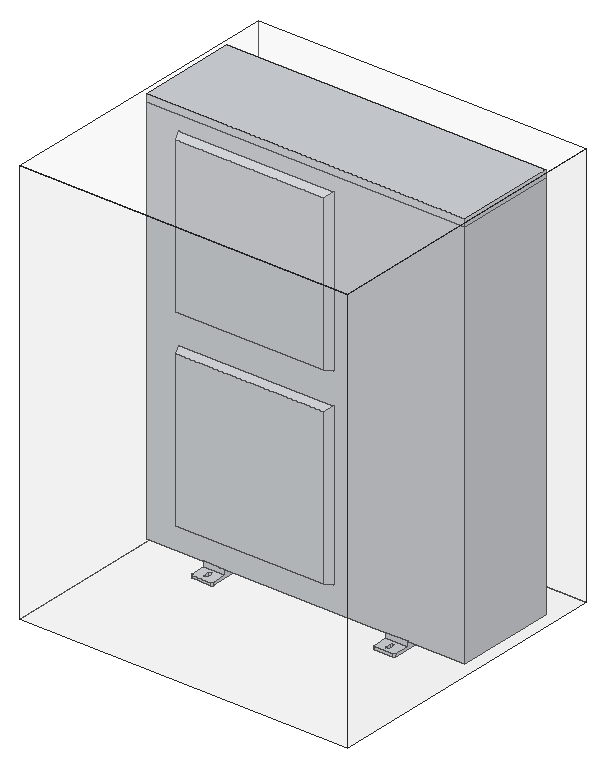
Revit family "puz-hrmp80160ka8_50hz", category 機械設備, Revit 2019
Family settings
  丸型コネクタ寸法 = 直径を使用
  パーツ タイプ = 標準
  OmniClass 番号 = 23.75.10.24.21.27.27
  OmniClass タイトル = Split System Air Conditioning Units
  作業面ベース = いいえ
  常に垂直 = はい
  ロード時にボイドで切り取り = いいえ
  共有 = いいえ
  部屋計算ポイント = いいえ
Parameters (values of type "室外機_PUZ-HRMP80KA8 (-BS_BSG)")
  音響パワーレベル_暖房 (dB) = 68
  音響パワーレベル_冷房 (dB) = 66
  音響パワーレベル(dB) = [音響パワーレベル_暖房 (dB)]  # 68
  電源種別 = ""
  電源位置Y = 2 mm
  電源位置Z = 1063 mm
  電源位置X = 325 mm
  電圧 = 200 V
  電動機出力_送風機 = 0.12 kW
  電動機出力_圧縮機 = 1.5 kW
  集中コントローラ [instance] = ""
  運転質量 = 0.00 kg
  運転方法 = "冷暖切替"
  質量 = if(製品質量 > 運転質量, 製品質量, 運転質量) * 1.2  # 135.60 kg
  負荷分類 = 1_熱源類
  説明 = "空冷H/P PAC インバータ室外機"
  設計暖房能力 [instance] = 0 kW
  設計冷房能力_顕熱 [instance] = 0 kW
  設計冷房能力 [instance] = 0 kW
  設置方法 = "床置形"
  記号 [instance] = ""
  製造元 = "三菱電機株式会社"
  製品質量 = 113.00 kg
  製品出荷対象 = "国内"
  製品リリース年月 = ""
  製品グループ = ""
  系統 [instance] = ""
  符号 = "PAC"
  積算_科目 = "1 空気調和設備"
  積算_拾い区分 [instance] = ""
  相 = 3
  盤記号 [instance] = ""
  発停方法 = "付属スイッチ"
  特殊仕様 [instance] = ""
  消費電力_暖房 = 1.92 kW
  消費電力_冷房 = 1.77 kW
  消費電力 = if(消費電力_冷房 > 消費電力_暖房, 消費電力_冷房, 消費電力_暖房)  # 1.92 kW
  法定耐用年数 = "6"
  構成品番 = "PUZ-HRMP80KA8 (-BS,-BSG)"
  極数 = 3
  材質 [instance] = ""
  本体マテリアル = none
  最小電線太さ_mm2 = 5.5
  最大電流値 = 0 A
  暖房能力 = 8 kW
  推奨ブレーカー容量 = 30 A
  据付ピッチ1 = 0 mm
  形式 = "パッケージ形 室外機"
  形名 = PUZ-ZRMP-3 : PUZ-ZRMP112KA11
  幹線記号 [instance] = ""
  始動方式 = "インバータ始動方式"
  呼称 = "パッケージ形空気調和機_室外機"
  周波数 = 50 Hz
  価格 = 0
  ドレン　位置Z = 23 mm
  ドレン　位置Y = 176 mm
  ドレン　位置X = 45 mm
  アンカーボルト位置Y = 370 mm
  アンカーボルト位置X = 600 mm
  参照している仕様書等のバージョン = "公共建築物標準仕様書（機械設備工事編）平成31年度版"
  分類コード = "5.0053E+13"
  分類グループ = ""
  冷房能力 = 7.1 kW
  冷媒管（ガス）位置X = 483 mm
  冷媒管（液）位置X = 423 mm
  冷媒管（液）位置Y = 290 mm
  冷媒管（ガス）位置Y = 234 mm
  冷媒管長 [instance] = 0 mm
  冷媒管径符号 = "Bd"
  冷媒管径 = 100.00 mm
  冷媒管位置Z = 450 mm
  冷媒管位置Y = (冷媒管（液）位置Y + 冷媒管（ガス）位置Y) / 2  # 262 mm
  冷媒管位置X = (冷媒管（液）位置X + 冷媒管（ガス）位置X) / 2  # 453 mm
  冷媒液管径 = 9.52 mm
  冷媒ガス管径 = 15.88 mm
  企業コード = "108420"
  付属品 [instance] = ""
  仕様書バージョン = "Version1.0"
  ユニット数 = 1
  Model = ""
  ドレン管径 = 33.00 mm
  サービススペース = yes
  コメント [instance] = ""
  ケーブル種類1 = ""
  【値が 0 の項目は組合せ形名にてご確認ください】 = ""
  Width = 1050 mm
  Version = ""
  Uniclass2015Version = "Systems v1.9"
  Uniclass2015Title = "Split coil remote air cooled condensing units"
  Uniclass2015Code = "Pr_70_65_03_84"
  URL = "https://www.mitsubishielectric.co.jp/ldg/wink/ssl/top.do"
  SpecificationReference = ""
  SpecificationDescription = ""
  Revision = ""
  ProductInformation = ""
  OmniClassCode = "23-33 17 13 11"
  IfcTypeProduct = ""
  IfcProduct = ""
  IfcExportType = "AIRCONDITIONINGUNIT"
  IfcExportAs = "IfcUnitaryEquipmentType"
  Height = 1338 mm
  Depth = 330 mm
  Clearance Top = 0 mm
  Clearance Right = 15 mm
  Clearance Left = 15 mm
  Clearance Front = 500 mm
  Clearance Bottom = 0 mm
  Clearance Back = 150 mm
  COP = 0
  Author = "三菱電機株式会社"
  APF = 0
Reference planes
  plane 1 "中心(正面/背面)": y = 74
  plane 2: z = 0
  plane 3 "中心(左/右)": x = 830
  plane 4 "右": x = 1355
  plane 5 "左": x = 305
  plane 6 "背面": y = 239
  plane 7 "正面": y = -91
  plane 8 "上部": z = 1338
  plane 9 "Clearanse Top": z = 1338
  plane 10 "SS_back": y = 389
  plane 11 "SS_front": y = -591
  plane 12 "SS_left": x = 290
  plane 13 "SS_right": x = 1370
  plane 14: z = 0
  plane 15: y = -89
  plane 16: x = 1155
  plane 17: z = 1063
  plane 18: y = -87
  plane 19: y = -23
  plane 20: x = 1283
  plane 21: z = 450
  plane 22: z = 452
  plane 23: y = 63
  plane 24: x = 350
  plane 25: z = 25
  plane 26: z = 23
  plane 27: x = 530
  plane 28: x = 1130
  plane 29: y = 259
  plane 30: y = -111
Forms (mm)
  Extrusion 1, solid, detail levels fine
    sketch origin (0, -91, 0) x (1, 0, 0) y (0, 0, 1)
      loop
        circle (1155, 1063) r 13.5
    from -4 to -2
  Extrusion 2, solid, detail levels fine
    sketch origin (-1437.329, -1524, 54) x (-1, 0, 0) y (0, -1, 0)
      loop
        circle (-2720.329, -1501) r 50
    from 396 to 398
  Extrusion 3, solid, detail levels fine
    sketch origin (-1437.329, -1524, 54) x (-1, 0, 0) y (0, -1, 0)
      loop
        circle (-1787.329, -1587) r 16.5
    from -31 to -29
Lines and regions (mm)
  model lines, not visible
    curve 1: line (460, 178.667, 1289.179) -> (460, 297.73, 1289.179)
    curve 2: line (460, 178.667, 1056.056) -> (460, 178.667, 1289.179)
    curve 3: line (460, 297.73, 1056.056) -> (460, 178.667, 1056.056)
    curve 4: line (460, 297.73, 1289.179) -> (460, 297.73, 1056.056)
    curve 5: line (460, 47.598, 1289.179) -> (460, 166.661, 1289.179)
    curve 6: line (460, 47.598, 1056.056) -> (460, 47.598, 1289.179)
    curve 7: line (460, 166.661, 1056.056) -> (460, 47.598, 1056.056)
    curve 8: line (460, 166.661, 1289.179) -> (460, 166.661, 1056.056)
    curve 9: line (460, -83.471, 1289.179) -> (460, 35.592, 1289.179)
    curve 10: line (460, -83.471, 1056.056) -> (460, -83.471, 1289.179)
    curve 11: line (460, 35.592, 1056.056) -> (460, -83.471, 1056.056)
    curve 12: line (460, 35.592, 1289.179) -> (460, 35.592, 1056.056)
    curve 13: line (460, -150.779, 1289.179) -> (460, -95.75, 1289.179)
    curve 14: line (460, -150.779, 1056.056) -> (460, -150.779, 1289.179)
    curve 15: line (460, -95.75, 1056.056) -> (460, -150.779, 1056.056)
    curve 16: line (460, -95.75, 1289.179) -> (460, -95.75, 1056.056)
    curve 17: line (460, -150.779, 1283.175) -> (460, -132.596, 1283.175)
    curve 18: line (460, -150.779, 1062.059) -> (460, -150.779, 1283.175)
    curve 19: line (460, -132.596, 1062.059) -> (460, -150.779, 1062.059)
    curve 20: line (460, -132.596, 1283.175) -> (460, -132.596, 1062.059)
    curve 21: line (460, 178.667, 1046.051) -> (460, 297.73, 1046.051)
    curve 22: line (460, 178.667, 812.928) -> (460, 178.667, 1046.051)
    curve 23: line (460, 297.73, 812.928) -> (460, 178.667, 812.928)
    curve 24: line (460, 297.73, 1046.051) -> (460, 297.73, 812.928)
    curve 25: line (460, 47.598, 1046.051) -> (460, 166.661, 1046.051)
    curve 26: line (460, 47.598, 812.928) -> (460, 47.598, 1046.051)
    curve 27: line (460, 166.661, 812.928) -> (460, 47.598, 812.928)
    curve 28: line (460, 166.661, 1046.051) -> (460, 166.661, 812.928)
    curve 29: line (460, -83.471, 1046.051) -> (460, 35.592, 1046.051)
    curve 30: line (460, -83.471, 812.928) -> (460, -83.471, 1046.051)
    curve 31: line (460, 35.592, 812.928) -> (460, -83.471, 812.928)
    curve 32: line (460, 35.592, 1046.051) -> (460, 35.592, 812.928)
    curve 33: line (460, -150.779, 1046.051) -> (460, -95.75, 1046.051)
    curve 34: line (460, -150.779, 812.928) -> (460, -150.779, 1046.051)
    curve 35: line (460, -95.75, 812.928) -> (460, -150.779, 812.928)
    curve 36: line (460, -95.75, 1046.051) -> (460, -95.75, 812.928)
    curve 37: line (460, -150.779, 1040.048) -> (460, -132.596, 1040.048)
    curve 38: line (460, -150.779, 818.931) -> (460, -150.779, 1040.048)
    curve 39: line (460, -132.596, 818.931) -> (460, -150.779, 818.931)
    curve 40: line (460, -132.596, 1040.048) -> (460, -132.596, 818.931)
    curve 41: line (460, 178.667, 802.923) -> (460, 297.73, 802.923)
    curve 42: line (460, 178.667, 569.8) -> (460, 178.667, 802.923)
    curve 43: line (460, 297.73, 569.8) -> (460, 178.667, 569.8)
    curve 44: line (460, 297.73, 802.923) -> (460, 297.73, 569.8)
    curve 45: line (460, 47.598, 802.923) -> (460, 166.661, 802.923)
    curve 46: line (460, 47.598, 569.8) -> (460, 47.598, 802.923)
    curve 47: line (460, 166.661, 569.8) -> (460, 47.598, 569.8)
    curve 48: line (460, 166.661, 802.923) -> (460, 166.661, 569.8)
    curve 49: line (460, -83.471, 802.923) -> (460, 35.592, 802.923)
    curve 50: line (460, -83.471, 569.8) -> (460, -83.471, 802.923)
    curve 51: line (460, 35.592, 569.8) -> (460, -83.471, 569.8)
    curve 52: line (460, 35.592, 802.923) -> (460, 35.592, 569.8)
    curve 53: line (460, -150.779, 802.923) -> (460, -95.75, 802.923)
    curve 54: line (460, -150.779, 569.8) -> (460, -150.779, 802.923)
    curve 55: line (460, -95.75, 569.8) -> (460, -150.779, 569.8)
    curve 56: line (460, -95.75, 802.923) -> (460, -95.75, 569.8)
    curve 57: line (460, -150.779, 796.92) -> (460, -132.596, 796.92)
    curve 58: line (460, -150.779, 575.803) -> (460, -150.779, 796.92)
    curve 59: line (460, -132.596, 575.803) -> (460, -150.779, 575.803)
    curve 60: line (460, -132.596, 796.92) -> (460, -132.596, 575.803)
    curve 61: line (460, 178.667, 559.795) -> (460, 297.73, 559.795)
    curve 62: line (460, 178.667, 326.672) -> (460, 178.667, 559.795)
    curve 63: line (460, 297.73, 326.672) -> (460, 178.667, 326.672)
    curve 64: line (460, 297.73, 559.795) -> (460, 297.73, 326.672)
    curve 65: line (460, 47.598, 559.795) -> (460, 166.661, 559.795)
    curve 66: line (460, 47.598, 326.672) -> (460, 47.598, 559.795)
    curve 67: line (460, 166.661, 326.672) -> (460, 47.598, 326.672)
    curve 68: line (460, 166.661, 559.795) -> (460, 166.661, 326.672)
    curve 69: line (460, -83.471, 559.795) -> (460, 35.592, 559.795)
    curve 70: line (460, -83.471, 326.672) -> (460, -83.471, 559.795)
    curve 71: line (460, 35.592, 326.672) -> (460, -83.471, 326.672)
    curve 72: line (460, 35.592, 559.795) -> (460, 35.592, 326.672)
    curve 73: line (460, -150.779, 559.795) -> (460, -95.75, 559.795)
    curve 74: line (460, -150.779, 326.672) -> (460, -150.779, 559.795)
    curve 75: line (460, -95.75, 326.672) -> (460, -150.779, 326.672)
    curve 76: line (460, -95.75, 559.795) -> (460, -95.75, 326.672)
    curve 77: line (460, -150.779, 553.792) -> (460, -132.596, 553.792)
    curve 78: line (460, -150.779, 332.675) -> (460, -150.779, 553.792)
    curve 79: line (460, -132.596, 332.675) -> (460, -150.779, 332.675)
    curve 80: line (460, -132.596, 553.792) -> (460, -132.596, 332.675)
    curve 81: line (460, 178.667, 316.667) -> (460, 297.73, 316.667)
    curve 82: line (460, 178.667, 83.544) -> (460, 178.667, 316.667)
    curve 83: line (460, 297.73, 83.544) -> (460, 178.667, 83.544)
    curve 84: line (460, 297.73, 316.667) -> (460, 297.73, 83.544)
    curve 85: line (460, 47.598, 316.667) -> (460, 166.661, 316.667)
    curve 86: line (460, 47.598, 83.544) -> (460, 47.598, 316.667)
    curve 87: line (460, 166.661, 83.544) -> (460, 47.598, 83.544)
    curve 88: line (460, 166.661, 316.667) -> (460, 166.661, 83.544)
    curve 89: line (460, -83.471, 316.667) -> (460, 35.592, 316.667)
    curve 90: line (460, -83.471, 83.544) -> (460, -83.471, 316.667)
    curve 91: line (460, 35.592, 83.544) -> (460, -83.471, 83.544)
    curve 92: line (460, 35.592, 316.667) -> (460, 35.592, 83.544)
    curve 93: line (460, -150.779, 316.667) -> (460, -95.75, 316.667)
    curve 94: line (460, -150.779, 83.544) -> (460, -150.779, 316.667)
    curve 95: line (460, -95.75, 83.544) -> (460, -150.779, 83.544)
    curve 96: line (460, -95.75, 316.667) -> (460, -95.75, 83.544)
    curve 97: line (460, -150.779, 310.664) -> (460, -132.596, 310.664)
    curve 98: line (460, -150.779, 89.547) -> (460, -150.779, 310.664)
    curve 99: line (460, -132.596, 89.547) -> (460, -150.779, 89.547)
    curve 100: line (460, -132.596, 310.664) -> (460, -132.596, 89.547)
Dimensions and locks
  equal spacing: plane 7 "正面", plane 1 "中心(正面/背面)", plane 6 "背面"
  "Depth": plane 7 "正面" to plane 6 "背面"
  "Width": plane 5 "左" to plane 4 "右"
  equal spacing: plane 5 "左", plane 3 "中心(左/右)", plane 4 "右"
  "Clearance Left": plane 12 "SS_left" to plane 5 "左"
  "Clearance Right": plane 4 "右" to plane 13 "SS_right"
  "Clearance Back": plane 6 "背面" to plane 10 "SS_back"
  "Clearance Front": plane 11 "SS_front" to plane 7 "正面"
  "Height": plane 8 "上部" to level
  "Clearance Top": plane 9 "Clearanse Top" to plane 8 "上部"
  "Clearance Bottom": level to plane 14
  "電源位置X": plane 3 "中心(左/右)" to plane 16
  "電源位置Y": plane 7 "正面" to plane 15
  "電源位置Z": plane 17 to level
  locked: plane 15 to plane 18 at 2
  "冷媒管位置X": plane 3 "中心(左/右)" to plane 20
  "冷媒管位置Y": plane 19 to plane 6 "背面"
  "冷媒管位置Z": plane 21 to level
  locked: plane 22 to plane 21 at 2
  "ドレン　位置X": plane 5 "左" to plane 24
  "ドレン　位置Y": plane 23 to plane 6 "背面"
  locked: plane 25 to plane 26 at 2
  "ドレン　位置Z": plane 26 to level
  equal spacing: plane 30, plane 1 "中心(正面/背面)", plane 29
  "アンカーボルト位置Y": plane 30 to plane 29
  equal spacing: plane 27, plane 3 "中心(左/右)", plane 28
  "アンカーボルト位置X": plane 27 to plane 28
  radius of Extrusion 1 sketch curve = 13.5 mm
  "冷媒管径": diameter of Extrusion 2 sketch curve
  "ドレン管径": diameter of Extrusion 3 sketch curve
  aligned and locked: level to plane 2
  aligned and locked: plane 10 "SS_back" to nested 1  (x2)
  aligned and locked: plane 13 "SS_right" to nested 1
  aligned and locked: plane 12 "SS_left" to nested 1  (x2)
  aligned and locked: nested 1 to plane 13 "SS_right"
  aligned and locked: plane 11 "SS_front" to nested 1
  aligned and locked: plane 9 "Clearanse Top" to nested 1
  aligned and locked: plane 1 "中心(正面/背面)" to nested 2
  aligned and locked: plane 3 "中心(左/右)" to nested 2
  aligned and locked: plane 14 to nested 1
  aligned and locked: plane 17 to Extrusion 1 sketch curve
  aligned and locked: plane 16 to Extrusion 1 sketch curve
  aligned and locked: Extrusion 1 to plane 18
  aligned and locked: plane 15 to Extrusion 1
  aligned and locked: plane 19 to Extrusion 2 sketch curve
  aligned and locked: plane 20 to Extrusion 2 sketch curve
  aligned and locked: plane 22 to Extrusion 2
  aligned and locked: Extrusion 2 to plane 21
  aligned and locked: plane 24 to Extrusion 3 sketch curve
  aligned and locked: plane 23 to Extrusion 3 sketch curve
  aligned and locked: plane 25 to Extrusion 3
  aligned and locked: Extrusion 3 to plane 26
  aligned and locked: plane 27 to nested 3
  aligned and locked: plane 29 to nested 3
Nested families
  nested 1: "サービススペース" at (830, -101, 669), visible <- "サービススペース", type "サービススペース"
    with Width 1080 mm, Height 1338 mm, Depth 980 mm
  nested 2: "PUZ-ZRMP-3" at (830, 74, 0), type <- "形名", type "PUZ-ZRMP112KA11"
  nested 3: "固定点" at (530, -111, 0), type "固定点"
    with W 600 mm, D 370 mm
Connectors
  piping at (1283, -23, 450), diameter 100, driven by "冷媒管径", driven by "冷媒管径符号"
    settings: on Extrusion 2, index 1, connector inside diameter 609.60 mm, connector length 0 mm, flow factor 0, pipe flow 0.0 L/s, pressure drop 0.0 Pa, fitting loss kfactor 0, connector angle 0.00°, fixture units 0, engagement length 0 mm, angle of deflection 0.00°, flow configuration 1, flow direction 2, fitting loss method 4, system type 7, joint type 0, gender type 0, connector reference index -1, connector utility 0, adjustable connector no, is connector primary yes, connector description "Bd"
  electrical at (1155, -89, 1063), driven by "極数", driven by "負荷分類", driven by "電圧", driven by "消費電力"
    settings: on Extrusion 1, index 2, voltage 200 V, apparent load 1920 VA, apparent load phase1 0 VA, apparent load phase2 0 VA, apparent load phase3 0 VA, power factor 1, load classification "1_熱源類", number of poles 3, system type 30, power factor state 1, is connector primary yes, connector utility no, sub classification motor no, connector description ""
Definition of nested family "サービススペース"
  Parameters (values of type "サービススペース")
    Width [instance] = 500 mm
    Height [instance] = 500 mm
    Depth [instance] = 500 mm
  Reference planes
    plane 1 "中心(正面/背面)": y = 0
    plane 2: z = 0
    plane 3 "中心(左/右)": x = 0
    plane 4: y = -250
    plane 5: x = 250
    plane 6: y = 250
    plane 7: x = -250
    plane 8: z = 250
    plane 9: z = -250
  Forms (mm)
    Extrusion 1, solid
      sketch origin (-638.939, 0, 72.39) x (1, 0, 0) y (0, 1, 0)
        loop
          line (388.939, 250) -> (388.939, -250) -> (888.939, -250) -> (888.939, 250) -> (388.939, 250)
      from -322.39 to 177.61
  Lines and regions (mm)
    symbolic lines
      curve 1: line (-250, 0, 250) -> (250, 0, 250)
      curve 2: line (-250, 0, -250) -> (-250, 0, 250)
      curve 3: line (250, 0, -250) -> (-250, 0, -250)
      curve 4: line (250, 0, 250) -> (250, 0, -250)
      curve 5: line (0, -250, 250) -> (0, 250, 250)
      curve 6: line (0, -250, -250) -> (0, -250, 250)
      curve 7: line (0, 250, -250) -> (0, -250, -250)
      curve 8: line (0, 250, 250) -> (0, 250, -250)
      curve 9: line (-250, 250, 0) -> (250, 250, 0)
      curve 10: line (-250, -250, 0) -> (-250, 250, 0)
      curve 11: line (250, -250, 0) -> (-250, -250, 0)
      curve 12: line (250, 250, 0) -> (250, -250, 0)
  Dimensions and locks
    equal spacing: plane 7, plane 3 "中心(左/右)", plane 5
    equal spacing: plane 4, plane 1 "中心(正面/背面)", plane 6
    "Depth": plane 4 to plane 6
    "Width": plane 7 to plane 5
    equal spacing: plane 8, plane 2, plane 9
    "Height": plane 8 to plane 9
    aligned and locked: plane 9 to curve 3
    aligned and locked: plane 7 to curve 2
    aligned and locked: curve 4 to plane 5
    aligned and locked: plane 5 to Extrusion 1
    aligned and locked: Extrusion 1 to plane 7
    aligned and locked: Extrusion 1 to plane 9
    aligned and locked: plane 8 to Extrusion 1
    aligned and locked: plane 9 to curve 7
  Automatic sketch dimensions
    plane 4 to Extrusion 1 sketch curve = 0 mm
    Extrusion 1 sketch curve to plane 7 = 0 mm
    Extrusion 1 sketch curve to plane 5 = 0 mm
    plane 6 to Extrusion 1 sketch curve = 0 mm
    curve 2 to plane 8 = 0 mm
    plane 4 to curve 11 = 0 mm
    curve 11 to plane 7 = 0 mm
    curve 11 to plane 5 = 0 mm
    plane 6 to curve 10 = 0 mm
    curve 7 to plane 4 = 0 mm
    curve 7 to plane 6 = 0 mm
    curve 6 to plane 8 = 0 mm
Definition of nested family "PUZ-ZRMP-3"
  Parameters (values of type "PUZ-ZRMP112KA11")
    配線取出口サイズ = 27 mm
    配線取出口-Z = 1063 mm
    配線取出口-Y = 325 mm
    配線取出口-X = 325 mm
    液配管サイズ = 100 mm
    高さ = 1338 mm
    換気-W = 362 mm
    換気-H2 = 632 mm
    換気-H1 = 369 mm
    換気-D = 25 mm
    奥行き = 330 mm
    吊りボルト_H = 0 mm
    吊りボルト-φ = 12 mm
    冷媒配管サイズ = 9.52 mm
    冷媒液管径-Z = 450 mm
    冷媒液管径-Y = 290 mm
    冷媒液管径-X = 423 mm
    冷媒ガス管径-Z = 421 mm
    冷媒ガス管径-Y = 234 mm
    冷媒ガス管径-X = 483 mm
    吊りボルト-W = 600 mm
    マテリアル = none
    ドレン配管サイズ = 33 mm
    ドレン管径-Z = 0 mm
    ドレン管径-Y = 154 mm
    ドレン管径-X = 480 mm
    タイプ3 = yes
    タイプ2 = no
    タイプ1 = no
    ガス配管サイズ = 15.88 mm
    吊りボルト-D = 370 mm
    幅さ = 1050 mm
    a = 幅さ / 2  # 525 mm
  Reference planes
    plane 1 "中心(正面/背面)": y = 0
    plane 2: z = 0
    plane 3 "中心(左/右)": x = 0
    plane 4: z = 1338
    plane 5: x = -525
    plane 6: x = 525
    plane 7: y = 165
    plane 8: y = -165
    plane 9: x = 587
    plane 10: y = -105
    plane 11: y = 5
    plane 12: z = 1313
    plane 13: x = -545
    plane 14: x = -300
    plane 15: x = 300
    plane 16: y = 185
    plane 17: y = -185
    plane 18: x = 335
    plane 19: x = 265
    plane 20: x = -265
    plane 21: x = -335
    plane 22: y = 204
    plane 23: y = -218
    plane 24: z = 8.5
    plane 25: z = 25
    plane 26: z = 23
    plane 27: z = 1333
    plane 28: y = -40
    plane 29: y = 40
    plane 30: y = -30
    plane 31: y = 30
    plane 32: z = 1318
    plane 33: z = 55
    plane 34: z = 225
    plane 35: z = 570
    plane 36: x = 535
    plane 37: x = 556
    plane 38: y = -190
    plane 39: x = -163
    plane 40: z = 369
    plane 41: x = 91
    plane 42: x = -417
    plane 43: z = 633
    plane 44: z = 105
    plane 45: x = -407
    plane 46: x = 81
    plane 47: z = 623
    plane 48: z = 115
    plane 49: y = 115
    plane 50: y = -115
    plane 51: x = -480
    plane 52: y = -11
    plane 53: x = 483
    plane 54: x = 325
    plane 55: y = -160
    plane 56: y = -125
    plane 57: y = -69
    plane 58: x = 423
    plane 59: z = 421
    plane 60: z = 450
    plane 61: z = 1063
    plane 62: y = -110
    plane 63: z = 550
    plane 64: z = 550
    plane 65: x = 453
    plane 66: y = -97
    plane 67 "グループ": x = -525
    plane 68: z = 1338
    plane 69: z = 943
    plane 70: z = 1001
    plane 71: z = 1265
    plane 72: z = 737
    plane 73: z = 1255
    plane 74: z = 747
    plane 75: y = 125
    plane 76: x = -370
    plane 77: x = -210
    plane 78: x = -50
    plane 79: x = 110
  Forms (mm)
    Extrusion 1, solid, visible <- "タイプ3", detail levels fine
      sketch origin (-1437.329, -1524, 1338) x (-1, 0, 0) y (0, -1, 0)
        loop
          line (-1102.329, -1689) -> (-1102.329, -1359) -> (-1172.329, -1359) -> (-1172.329, -1689) -> (-1102.329, -1689)
        loop
          line (-1702.329, -1689) -> (-1702.329, -1359) -> (-1772.329, -1359) -> (-1772.329, -1689) -> (-1702.329, -1689)
      from -1338 to -1313
    Extrusion 2, solid, material <- "マテリアル", visible <- "タイプ3", detail levels fine
      sketch origin (-1437.329, -1524, 1338) x (-1, 0, 0) y (0, -1, 0)
        loop
          line (-1962.329, -1689) -> (-912.329, -1689) -> (-912.329, -1359) -> (-1962.329, -1359) -> (-1962.329, -1689)
      from -1313 to -25
    Extrusion 3, solid, material <- "マテリアル", visible <- "タイプ3", detail levels fine
      sketch origin (-1437.329, -1524, 1338) x (-1, 0, 0) y (0, -1, 0)
        loop
          line (-912.329, -1689) -> (-912.329, -1359) -> (-1962.329, -1359) -> (-1962.329, -1689) -> (-912.329, -1689)
      from -25 to 0
    Blend 4, solid, material <- "マテリアル", visible <- "タイプ3", detail levels fine
      base sketch origin (0, 0, 0) x (1, 0, 0) y (0, 0, 1)
        loop
          line (-417, 633) -> (-417, 105) -> (91, 105) -> (91, 633) -> (-417, 633)
      top sketch origin (0, 0, 0) x (1, 0, 0) y (0, 0, 1)
        loop
          line (-407, 623) -> (-407, 115) -> (81, 115) -> (81, 623) -> (-407, 623)
      from 165 to 190
    Extrusion 5, solid, material <- "マテリアル", visible <- "タイプ3", detail levels fine
      sketch origin (-1437.329, -1524, 1338) x (-1, 0, 0) y (0, -1, 0)
        loop
          circle (-1920.329, -1455) r 7.94
      from -917 to -788
    Extrusion 6, solid, material <- "マテリアル", visible <- "タイプ3", detail levels fine
      sketch origin (-1437.329, -1524, 1338) x (-1, 0, 0) y (0, -1, 0)
        loop
          circle (-1860.329, -1399) r 4.76
      from -888 to -788
    Extrusion 7, solid, material <- "マテリアル", visible <- "タイプ3", detail levels fine
      sketch origin (1480.036, -190, 1200) x (1, 0, 0) y (0, 0, 1)
        loop
          circle (-1155.036, -137) r 13.5
      from -80 to -30
    Extrusion 8, solid, material <- "マテリアル", visible <- "タイプ3", detail levels fine
      sketch origin (-1437.329, -1524, 1338) x (-1, 0, 0) y (0, -1, 0)
        loop
          circle (-1890.329, -1427) r 50
      from -888 to -788
    Blend 9, solid, material <- "マテリアル", visible <- "タイプ3", detail levels fine
      base sketch origin (1480.036, -190, 1200) x (1, 0, 0) y (0, 0, 1)
        loop
          line (-1897.036, 65) -> (-1897.036, -463) -> (-1389.036, -463) -> (-1389.036, 65) -> (-1897.036, 65)
      top sketch origin (1480.036, -190, 1200) x (1, 0, 0) y (0, 0, 1)
        loop
          line (-1887.036, 55) -> (-1887.036, -453) -> (-1399.036, -453) -> (-1399.036, 55) -> (-1887.036, 55)
      from -25 to 0
    Extrusion 10, solid, visible <- "タイプ3", detail levels fine
      sketch origin (-1437.329, -1524, 1338) x (-1, 0, 0) y (0, -1, 0)
        loop
          line (-1102.329, -1728) -> (-1102.329, -1689) -> (-1172.329, -1689) -> (-1172.329, -1728) -> (-1143.329, -1728) -> (-1143.329, -1709)
          arc (-1143.329, -1709) -> (-1137.329, -1703) -> (-1131.329, -1709) r 6
          line (-1131.329, -1709) -> (-1131.329, -1728) -> (-1102.329, -1728)
        loop
          line (-1102.329, -1359) -> (-1102.329, -1311)
          arc (-1102.329, -1311) -> (-1103.794, -1307.464) -> (-1107.329, -1306) r 5
          line (-1107.329, -1306) -> (-1167.329, -1306)
          arc (-1167.329, -1306) -> (-1170.865, -1307.464) -> (-1172.329, -1311) r 5
          line (-1172.329, -1311) -> (-1172.329, -1359) -> (-1102.329, -1359)
        loop
          arc (-1143.329, -1339) -> (-1137.329, -1345) -> (-1131.329, -1339) r 6
          line (-1131.329, -1339) -> (-1131.329, -1324)
          arc (-1131.329, -1324) -> (-1137.329, -1318) -> (-1143.329, -1324) r 6
          line (-1143.329, -1324) -> (-1143.329, -1339)
        loop
          line (-1772.329, -1728) -> (-1743.329, -1728) -> (-1743.329, -1709)
          arc (-1743.329, -1709) -> (-1737.329, -1703) -> (-1731.329, -1709) r 6
          line (-1731.329, -1709) -> (-1731.329, -1728) -> (-1702.329, -1728) -> (-1702.329, -1689) -> (-1772.329, -1689) -> (-1772.329, -1728)
        loop
          line (-1772.329, -1359) -> (-1702.329, -1359) -> (-1702.329, -1311)
          arc (-1702.329, -1311) -> (-1703.794, -1307.464) -> (-1707.329, -1306) r 5
          line (-1707.329, -1306) -> (-1767.329, -1306)
          arc (-1767.329, -1306) -> (-1770.865, -1307.464) -> (-1772.329, -1311) r 5
          line (-1772.329, -1311) -> (-1772.329, -1359)
        loop
          line (-1731.329, -1339) -> (-1731.329, -1324)
          arc (-1731.329, -1324) -> (-1737.329, -1318) -> (-1743.329, -1324) r 6
          line (-1743.329, -1324) -> (-1743.329, -1339)
          arc (-1743.329, -1339) -> (-1737.329, -1345) -> (-1731.329, -1339) r 6
      from -1338 to -1329.5
    Extrusion 11, solid, material <- "マテリアル", visible <- "タイプ3", detail levels fine
      sketch origin (-1437.329, -1524, 1338) x (-1, 0, 0) y (0, -1, 0)
        loop
          circle (-957.329, -1513) r 16.5
        loop
          circle (-1067.329, -1649) r 16.5
        loop
          circle (-1227.329, -1649) r 16.5
        loop
          circle (-1387.329, -1649) r 16.5
        loop
          circle (-1547.329, -1649) r 16.5
      from -1315 to -1313
  Cuts and joins
    joined: Extrusion 1, Extrusion 10
  Lines and regions (mm)
    Masking region 1, visible <- "タイプ3", detail levels coarse+medium
      outline origin (-1437.329, -1524, 1338) x (-1, 0, 0) y (0, -1, 0)
        loop
          line (-1962.329, -1689) -> (-1772.329, -1689) -> (-1772.329, -1728) -> (-1702.329, -1728) -> (-1702.329, -1689) -> (-1172.329, -1689) -> (-1172.329, -1728) -> (-1102.329, -1728) -> (-1102.329, -1689) -> (-912.329, -1689) -> (-912.329, -1359) -> (-1020.329, -1359) -> (-1030.329, -1334) -> (-1102.329, -1334) -> (-1102.329, -1306) -> (-1172.329, -1306) -> (-1172.329, -1334) -> (-1518.329, -1334) -> (-1528.329, -1359) -> (-1702.329, -1359) -> (-1702.329, -1306) -> (-1772.329, -1306) -> (-1772.329, -1359) -> (-1962.329, -1359) -> (-1962.329, -1689)
    model lines, visible <- "タイプ3", detail levels fine
      curve 1: line (447, 115, 1338) -> (-445, 115, 1338)
      curve 2: line (-445, -115, 1338) -> (447, -115, 1338)
      curve 3: line (-445, -45, 1338) -> (447, -45, 1338)
      curve 4: line (447, 45, 1338) -> (-445, 45, 1338)
      curve 5: line (-445, -35, 1338) -> (447, -35, 1338)
      curve 6: line (447, 35, 1338) -> (-445, 35, 1338)
      curve 7: line (-445, 115, 1338) -> (-445, 45, 1338)
      curve 8: line (447, -115, 1338) -> (447, -45, 1338)
      curve 9: line (-445, 35, 1338) -> (-445, -35, 1338)
      curve 10: line (-445, -45, 1338) -> (-445, -115, 1338)
      curve 11: line (447, -35, 1338) -> (447, 35, 1338)
      curve 12: line (447, 45, 1338) -> (447, 115, 1338)
      curve 13: line (479, -115, 1338) -> (479, 115, 1338)
      curve 14: line (462, -115, 1338) -> (462, 115, 1338)
      curve 15: line (-475, 115, 1338) -> (-475, -115, 1338)
      curve 16: line (-460, 115, 1338) -> (-460, -115, 1338)
      curve 17: line (-460, 115, 1338) -> (-475, 115, 1338)
      curve 18: line (-460, -115, 1338) -> (-475, -115, 1338)
      curve 19: line (462, 115, 1338) -> (479, 115, 1338)
      curve 20: line (462, -115, 1338) -> (479, -115, 1338)
      curve 21: line (-407, -190, 416.5) -> (81, -190, 416.5)
      curve 22: line (81, -190, 321.5) -> (-407, -190, 321.5)
      curve 23: line (-407, -190, 511.5) -> (81, -190, 511.5)
      curve 24: line (-407, -190, 606.5) -> (81, -190, 606.5)
      curve 25: line (81, -190, 226.5) -> (-407, -190, 226.5)
      curve 26: line (81, -190, 131.5) -> (-407, -190, 131.5)
      curve 27: line (-389.571, -190, 623) -> (-389.571, -190, 115)
      curve 28: line (63.571, -190, 115) -> (63.571, -190, 623)
      curve 29: line (-372.143, -190, 623) -> (-372.143, -190, 115)
      curve 30: line (-354.714, -190, 623) -> (-354.714, -190, 115)
      curve 31: line (-337.286, -190, 623) -> (-337.286, -190, 115)
      curve 32: line (-319.857, -190, 623) -> (-319.857, -190, 115)
      curve 33: line (-302.429, -190, 623) -> (-302.429, -190, 115)
      curve 34: line (-285, -190, 623) -> (-285, -190, 115)
      curve 35: line (-267.571, -190, 623) -> (-267.571, -190, 115)
      curve 36: line (-250.143, -190, 623) -> (-250.143, -190, 115)
      curve 37: line (-232.714, -190, 623) -> (-232.714, -190, 115)
      curve 38: line (-215.286, -190, 623) -> (-215.286, -190, 115)
      curve 39: line (-197.857, -190, 623) -> (-197.857, -190, 115)
      curve 40: line (-180.429, -190, 623) -> (-180.429, -190, 115)
      curve 41: line (-163, -190, 623) -> (-163, -190, 115)
      curve 42: line (-145.571, -190, 623) -> (-145.571, -190, 115)
      curve 43: line (-128.143, -190, 623) -> (-128.143, -190, 115)
      curve 44: line (-110.714, -190, 623) -> (-110.714, -190, 115)
      curve 45: line (-93.286, -190, 623) -> (-93.286, -190, 115)
      curve 46: line (-75.857, -190, 623) -> (-75.857, -190, 115)
      curve 47: line (-58.429, -190, 623) -> (-58.429, -190, 115)
      curve 48: line (-41, -190, 623) -> (-41, -190, 115)
      curve 49: line (-23.571, -190, 623) -> (-23.571, -190, 115)
      curve 50: line (-6.143, -190, 623) -> (-6.143, -190, 115)
      curve 51: line (11.286, -190, 623) -> (11.286, -190, 115)
      curve 52: line (28.714, -190, 623) -> (28.714, -190, 115)
      curve 53: line (46.143, -190, 623) -> (46.143, -190, 115)
      curve 54: line (-525, -100, 87) -> (-525, -60, 87)
      curve 55: line (-525, -100, 277) -> (-525, -100, 87)
      curve 56: line (-525, -60, 277) -> (-525, -100, 277)
      curve 57: line (-525, -60, 87) -> (-525, -60, 277)
      curve 58: line (-525, -100, 292) -> (-525, -60, 292)
      curve 59: line (-525, -100, 482) -> (-525, -100, 292)
      curve 60: line (-525, -60, 482) -> (-525, -100, 482)
      curve 61: line (-525, -60, 292) -> (-525, -60, 482)
      curve 62: line (-525, -100, 497) -> (-525, -60, 497)
      curve 63: line (-525, -100, 687) -> (-525, -100, 497)
      curve 64: line (-525, -60, 687) -> (-525, -100, 687)
      curve 65: line (-525, -60, 497) -> (-525, -60, 687)
      curve 66: line (-525, -100, 702) -> (-525, -60, 702)
      curve 67: line (-525, -100, 892) -> (-525, -100, 702)
      curve 68: line (-525, -60, 892) -> (-525, -100, 892)
      curve 69: line (-525, -60, 702) -> (-525, -60, 892)
      curve 70: line (-525, 60, 87) -> (-525, 100, 87)
      curve 71: line (-525, 60, 277) -> (-525, 60, 87)
      curve 72: line (-525, 100, 277) -> (-525, 60, 277)
      curve 73: line (-525, 100, 87) -> (-525, 100, 277)
      curve 74: line (-525, -46.667, 87) -> (-525, -6.667, 87)
      curve 75: line (-525, -46.667, 277) -> (-525, -46.667, 87)
      curve 76: line (-525, -6.667, 277) -> (-525, -46.667, 277)
      curve 77: line (-525, -6.667, 87) -> (-525, -6.667, 277)
      curve 78: line (-525, 6.667, 87) -> (-525, 46.667, 87)
      curve 79: line (-525, 6.667, 277) -> (-525, 6.667, 87)
      curve 80: line (-525, 46.667, 277) -> (-525, 6.667, 277)
      curve 81: line (-525, 46.667, 87) -> (-525, 46.667, 277)
      curve 82: line (-525, 60, 292) -> (-525, 100, 292)
      curve 83: line (-525, 60, 482) -> (-525, 60, 292)
      curve 84: line (-525, 100, 482) -> (-525, 60, 482)
      curve 85: line (-525, 100, 292) -> (-525, 100, 482)
      curve 86: line (-525, 60, 702) -> (-525, 100, 702)
      curve 87: line (-525, 60, 892) -> (-525, 60, 702)
      curve 88: line (-525, 100, 892) -> (-525, 60, 892)
      curve 89: line (-525, 100, 702) -> (-525, 100, 892)
      curve 90: line (-525, -46.667, 292) -> (-525, -6.667, 292)
      curve 91: line (-525, -46.667, 482) -> (-525, -46.667, 292)
      curve 92: line (-525, -6.667, 482) -> (-525, -46.667, 482)
      curve 93: line (-525, -6.667, 292) -> (-525, -6.667, 482)
      curve 94: line (-525, -46.667, 497) -> (-525, -6.667, 497)
      curve 95: line (-525, -46.667, 687) -> (-525, -46.667, 497)
      curve 96: line (-525, -6.667, 687) -> (-525, -46.667, 687)
      curve 97: line (-525, -6.667, 497) -> (-525, -6.667, 687)
      curve 98: line (-525, -46.667, 702) -> (-525, -6.667, 702)
      curve 99: line (-525, -46.667, 892) -> (-525, -46.667, 702)
      curve 100: line (-525, -6.667, 892) -> (-525, -46.667, 892)
      curve 101: line (-525, -6.667, 702) -> (-525, -6.667, 892)
      curve 102: line (-525, 6.667, 292) -> (-525, 46.667, 292)
      curve 103: line (-525, 6.667, 482) -> (-525, 6.667, 292)
      curve 104: line (-525, 46.667, 482) -> (-525, 6.667, 482)
      curve 105: line (-525, 46.667, 292) -> (-525, 46.667, 482)
      curve 106: line (-525, 6.667, 497) -> (-525, 46.667, 497)
      curve 107: line (-525, 6.667, 687) -> (-525, 6.667, 497)
      curve 108: line (-525, 46.667, 687) -> (-525, 6.667, 687)
      curve 109: line (-525, 46.667, 497) -> (-525, 46.667, 687)
      curve 110: line (-525, 6.667, 702) -> (-525, 46.667, 702)
      curve 111: line (-525, 6.667, 892) -> (-525, 6.667, 702)
      curve 112: line (-525, 46.667, 892) -> (-525, 6.667, 892)
      curve 113: line (-525, 46.667, 702) -> (-525, 46.667, 892)
      curve 114: line (-525, -100, 907) -> (-525, -60, 907)
      curve 115: line (-525, -100, 1097) -> (-525, -100, 907)
      curve 116: line (-525, -60, 1097) -> (-525, -100, 1097)
      curve 117: line (-525, -60, 907) -> (-525, -60, 1097)
      curve 118: line (-525, 60, 907) -> (-525, 100, 907)
      curve 119: line (-525, 60, 1097) -> (-525, 60, 907)
      curve 120: line (-525, 100, 1097) -> (-525, 60, 1097)
      curve 121: line (-525, 100, 907) -> (-525, 100, 1097)
      curve 122: line (-525, -46.667, 907) -> (-525, -6.667, 907)
      curve 123: line (-525, -46.667, 1097) -> (-525, -46.667, 907)
      curve 124: line (-525, -6.667, 1097) -> (-525, -46.667, 1097)
      curve 125: line (-525, -6.667, 907) -> (-525, -6.667, 1097)
      curve 126: line (-525, 6.667, 907) -> (-525, 46.667, 907)
      curve 127: line (-525, 6.667, 1097) -> (-525, 6.667, 907)
      curve 128: line (-525, 46.667, 1097) -> (-525, 6.667, 1097)
      curve 129: line (-525, 46.667, 907) -> (-525, 46.667, 1097)
      curve 130: line (-525, -100, 1112) -> (-525, -60, 1112)
      curve 131: line (-525, -100, 1302) -> (-525, -100, 1112)
      curve 132: line (-525, -60, 1302) -> (-525, -100, 1302)
      curve 133: line (-525, -60, 1112) -> (-525, -60, 1302)
      curve 134: line (-525, 60, 1112) -> (-525, 100, 1112)
      curve 135: line (-525, 60, 1302) -> (-525, 60, 1112)
      curve 136: line (-525, 100, 1302) -> (-525, 60, 1302)
      curve 137: line (-525, 100, 1112) -> (-525, 100, 1302)
      curve 138: line (-525, -46.667, 1112) -> (-525, -6.667, 1112)
      curve 139: line (-525, -46.667, 1302) -> (-525, -46.667, 1112)
      curve 140: line (-525, -6.667, 1302) -> (-525, -46.667, 1302)
      curve 141: line (-525, -6.667, 1112) -> (-525, -6.667, 1302)
      curve 142: line (-525, 6.667, 1112) -> (-525, 46.667, 1112)
      curve 143: line (-525, 6.667, 1302) -> (-525, 6.667, 1112)
      curve 144: line (-525, 46.667, 1302) -> (-525, 6.667, 1302)
      curve 145: line (-525, 46.667, 1112) -> (-525, 46.667, 1302)
      curve 303: line (81, -190, 1238.5) -> (-407, -190, 1238.5)
      curve 304: line (-407, -190, 763.5) -> (81, -190, 763.5)
      curve 305: line (-389.571, -190, 1255) -> (-389.571, -190, 747)
      curve 306: line (81, -190, 858.5) -> (-407, -190, 858.5)
      curve 307: line (81, -190, 1143.5) -> (-407, -190, 1143.5)
      curve 308: line (81, -190, 1048.5) -> (-407, -190, 1048.5)
      curve 309: line (-407, -190, 953.5) -> (81, -190, 953.5)
      curve 310: line (-372.143, -190, 1255) -> (-372.143, -190, 747)
      curve 311: line (-354.714, -190, 1255) -> (-354.714, -190, 747)
      curve 312: line (-337.286, -190, 1255) -> (-337.286, -190, 747)
      curve 313: line (-319.857, -190, 1255) -> (-319.857, -190, 747)
      curve 314: line (-302.429, -190, 1255) -> (-302.429, -190, 747)
      curve 315: line (-285, -190, 1255) -> (-285, -190, 747)
      curve 316: line (-267.571, -190, 1255) -> (-267.571, -190, 747)
      curve 317: line (-250.143, -190, 1255) -> (-250.143, -190, 747)
      curve 318: line (-232.714, -190, 1255) -> (-232.714, -190, 747)
      curve 319: line (-215.286, -190, 1255) -> (-215.286, -190, 747)
      curve 320: line (-197.857, -190, 1255) -> (-197.857, -190, 747)
      curve 321: line (-180.429, -190, 1255) -> (-180.429, -190, 747)
      curve 322: line (-163, -190, 1255) -> (-163, -190, 747)
      curve 323: line (-145.571, -190, 1255) -> (-145.571, -190, 747)
      curve 324: line (-128.143, -190, 1255) -> (-128.143, -190, 747)
      curve 325: line (-110.714, -190, 1255) -> (-110.714, -190, 747)
      curve 326: line (-93.286, -190, 1255) -> (-93.286, -190, 747)
      curve 327: line (-75.857, -190, 1255) -> (-75.857, -190, 747)
      curve 328: line (-58.429, -190, 1255) -> (-58.429, -190, 747)
      curve 329: line (-41, -190, 1255) -> (-41, -190, 747)
      curve 330: line (-23.571, -190, 1255) -> (-23.571, -190, 747)
      curve 331: line (-6.143, -190, 1255) -> (-6.143, -190, 747)
      curve 332: line (11.286, -190, 1255) -> (11.286, -190, 747)
      curve 333: line (28.714, -190, 1255) -> (28.714, -190, 747)
      curve 334: line (46.143, -190, 1255) -> (46.143, -190, 747)
      curve 335: line (63.571, -190, 1255) -> (63.571, -190, 747)
    model lines, visible <- "タイプ3", not visible, detail levels fine
      curve 146: line (-525, -100, 907) -> (-525, -60, 907)
      curve 147: line (-525, -100, 1097) -> (-525, -100, 907)
      curve 148: line (-525, -60, 1097) -> (-525, -100, 1097)
      curve 149: line (-525, -60, 907) -> (-525, -60, 1097)
      curve 150: line (-525, 60, 907) -> (-525, 100, 907)
      curve 151: line (-525, 60, 1097) -> (-525, 60, 907)
      curve 152: line (-525, 100, 1097) -> (-525, 60, 1097)
      curve 153: line (-525, 100, 907) -> (-525, 100, 1097)
      curve 154: line (-525, -46.667, 907) -> (-525, -6.667, 907)
      curve 155: line (-525, -46.667, 1097) -> (-525, -46.667, 907)
      curve 156: line (-525, -6.667, 1097) -> (-525, -46.667, 1097)
      curve 157: line (-525, -6.667, 907) -> (-525, -6.667, 1097)
      curve 158: line (-525, 6.667, 907) -> (-525, 46.667, 907)
      curve 159: line (-525, 6.667, 1097) -> (-525, 6.667, 907)
      curve 160: line (-525, 46.667, 1097) -> (-525, 6.667, 1097)
      curve 161: line (-525, 46.667, 907) -> (-525, 46.667, 1097)
      curve 162: line (-525, -100, 1112) -> (-525, -60, 1112)
      curve 163: line (-525, -100, 1302) -> (-525, -100, 1112)
      curve 164: line (-525, -60, 1302) -> (-525, -100, 1302)
      curve 165: line (-525, -60, 1112) -> (-525, -60, 1302)
      curve 166: line (-525, 60, 1112) -> (-525, 100, 1112)
      curve 167: line (-525, 60, 1302) -> (-525, 60, 1112)
      curve 168: line (-525, 100, 1302) -> (-525, 60, 1302)
      curve 169: line (-525, 100, 1112) -> (-525, 100, 1302)
      curve 170: line (-525, -46.667, 1112) -> (-525, -6.667, 1112)
      curve 171: line (-525, -46.667, 1302) -> (-525, -46.667, 1112)
      curve 172: line (-525, -6.667, 1302) -> (-525, -46.667, 1302)
      curve 173: line (-525, -6.667, 1112) -> (-525, -6.667, 1302)
      curve 174: line (-525, 6.667, 1112) -> (-525, 46.667, 1112)
      curve 175: line (-525, 6.667, 1302) -> (-525, 6.667, 1112)
      curve 176: line (-525, 46.667, 1302) -> (-525, 6.667, 1302)
      curve 177: line (-525, 46.667, 1112) -> (-525, 46.667, 1302)
      curve 194: line (-525, -100, 87) -> (-525, -60, 87)
      curve 195: line (-525, -100, 277) -> (-525, -100, 87)
      curve 196: line (-525, -60, 277) -> (-525, -100, 277)
      curve 197: line (-525, -60, 87) -> (-525, -60, 277)
      curve 198: line (-525, -100, 292) -> (-525, -60, 292)
      curve 199: line (-525, -100, 482) -> (-525, -100, 292)
      curve 200: line (-525, -60, 482) -> (-525, -100, 482)
      curve 201: line (-525, -60, 292) -> (-525, -60, 482)
      curve 202: line (-525, -100, 497) -> (-525, -60, 497)
      curve 203: line (-525, -100, 687) -> (-525, -100, 497)
      curve 204: line (-525, -60, 687) -> (-525, -100, 687)
      curve 205: line (-525, -60, 497) -> (-525, -60, 687)
      curve 206: line (-525, -100, 702) -> (-525, -60, 702)
      curve 207: line (-525, -100, 892) -> (-525, -100, 702)
      curve 208: line (-525, -60, 892) -> (-525, -100, 892)
      curve 209: line (-525, -60, 702) -> (-525, -60, 892)
      curve 210: line (-525, 60, 87) -> (-525, 100, 87)
      curve 211: line (-525, 60, 277) -> (-525, 60, 87)
      curve 212: line (-525, 100, 277) -> (-525, 60, 277)
      curve 213: line (-525, 100, 87) -> (-525, 100, 277)
      curve 214: line (-525, -46.667, 87) -> (-525, -6.667, 87)
      curve 215: line (-525, -46.667, 277) -> (-525, -46.667, 87)
      curve 216: line (-525, -6.667, 277) -> (-525, -46.667, 277)
      curve 217: line (-525, -6.667, 87) -> (-525, -6.667, 277)
      curve 218: line (-525, 6.667, 87) -> (-525, 46.667, 87)
      curve 219: line (-525, 6.667, 277) -> (-525, 6.667, 87)
      curve 220: line (-525, 46.667, 277) -> (-525, 6.667, 277)
      curve 221: line (-525, 46.667, 87) -> (-525, 46.667, 277)
      curve 222: line (-525, 60, 292) -> (-525, 100, 292)
      curve 223: line (-525, 60, 482) -> (-525, 60, 292)
      curve 224: line (-525, 100, 482) -> (-525, 60, 482)
      curve 225: line (-525, 100, 292) -> (-525, 100, 482)
      curve 226: line (-525, 60, 702) -> (-525, 100, 702)
      curve 227: line (-525, 60, 892) -> (-525, 60, 702)
      curve 228: line (-525, 100, 892) -> (-525, 60, 892)
      curve 229: line (-525, 100, 702) -> (-525, 100, 892)
      curve 230: line (-525, -46.667, 292) -> (-525, -6.667, 292)
      curve 231: line (-525, -46.667, 482) -> (-525, -46.667, 292)
      curve 232: line (-525, -6.667, 482) -> (-525, -46.667, 482)
      curve 233: line (-525, -6.667, 292) -> (-525, -6.667, 482)
      curve 234: line (-525, -46.667, 497) -> (-525, -6.667, 497)
      curve 235: line (-525, -46.667, 687) -> (-525, -46.667, 497)
      curve 236: line (-525, -6.667, 687) -> (-525, -46.667, 687)
      curve 237: line (-525, -6.667, 497) -> (-525, -6.667, 687)
      curve 238: line (-525, -46.667, 702) -> (-525, -6.667, 702)
      curve 239: line (-525, -46.667, 892) -> (-525, -46.667, 702)
      curve 240: line (-525, -6.667, 892) -> (-525, -46.667, 892)
      curve 241: line (-525, -6.667, 702) -> (-525, -6.667, 892)
      curve 242: line (-525, 6.667, 292) -> (-525, 46.667, 292)
      curve 243: line (-525, 6.667, 482) -> (-525, 6.667, 292)
      curve 244: line (-525, 46.667, 482) -> (-525, 6.667, 482)
      curve 245: line (-525, 46.667, 292) -> (-525, 46.667, 482)
      curve 246: line (-525, 6.667, 497) -> (-525, 46.667, 497)
      curve 247: line (-525, 6.667, 687) -> (-525, 6.667, 497)
      curve 248: line (-525, 46.667, 687) -> (-525, 6.667, 687)
      curve 249: line (-525, 46.667, 497) -> (-525, 46.667, 687)
      curve 250: line (-525, 6.667, 702) -> (-525, 46.667, 702)
      curve 251: line (-525, 6.667, 892) -> (-525, 6.667, 702)
      curve 252: line (-525, 46.667, 892) -> (-525, 6.667, 892)
      curve 253: line (-525, 46.667, 702) -> (-525, 46.667, 892)
    model lines, visible <- "タイプ2", not visible
      curve 178: line (-600, -100, 33.5) -> (-600, -60, 33.5)
      curve 179: line (-600, -100, 73.5) -> (-600, -100, 33.5)
      curve 180: line (-600, -60, 73.5) -> (-600, -100, 73.5)
      curve 181: line (-600, -60, 33.5) -> (-600, -60, 73.5)
      curve 182: line (-600, 60, 33.5) -> (-600, 100, 33.5)
      curve 183: line (-600, 60, 73.5) -> (-600, 60, 33.5)
      curve 184: line (-600, 100, 73.5) -> (-600, 60, 73.5)
      curve 185: line (-600, 100, 33.5) -> (-600, 100, 73.5)
      curve 186: line (-509, -46.667, 33.5) -> (-509, -6.667, 33.5)
      curve 187: line (-509, -46.667, 73.5) -> (-509, -46.667, 33.5)
      curve 188: line (-509, -6.667, 73.5) -> (-509, -46.667, 73.5)
      curve 189: line (-509, -6.667, 33.5) -> (-509, -6.667, 73.5)
      curve 190: line (-509, 6.667, 33.5) -> (-509, 46.667, 33.5)
      curve 191: line (-509, 6.667, 73.5) -> (-509, 6.667, 33.5)
      curve 192: line (-509, 46.667, 73.5) -> (-509, 6.667, 73.5)
      curve 193: line (-509, 46.667, 33.5) -> (-509, 46.667, 73.5)
      curve 287: line (-404.5, -100, 33.5) -> (-404.5, -60, 33.5)
      curve 288: line (-404.5, -100, 73.5) -> (-404.5, -100, 33.5)
      curve 289: line (-404.5, -60, 73.5) -> (-404.5, -100, 73.5)
      curve 290: line (-404.5, -60, 33.5) -> (-404.5, -60, 73.5)
      curve 291: line (-404.5, 60, 33.5) -> (-404.5, 100, 33.5)
      curve 292: line (-404.5, 60, 73.5) -> (-404.5, 60, 33.5)
      curve 293: line (-404.5, 100, 73.5) -> (-404.5, 60, 73.5)
      curve 294: line (-404.5, 100, 33.5) -> (-404.5, 100, 73.5)
      curve 295: line (-404.5, -46.667, 33.5) -> (-404.5, -6.667, 33.5)
      curve 296: line (-404.5, -46.667, 73.5) -> (-404.5, -46.667, 33.5)
      curve 297: line (-404.5, -6.667, 73.5) -> (-404.5, -46.667, 73.5)
      curve 298: line (-404.5, -6.667, 33.5) -> (-404.5, -6.667, 73.5)
      curve 299: line (-404.5, 6.667, 33.5) -> (-404.5, 46.667, 33.5)
      curve 300: line (-404.5, 6.667, 73.5) -> (-404.5, 6.667, 33.5)
      curve 301: line (-404.5, 46.667, 73.5) -> (-404.5, 6.667, 73.5)
      curve 302: line (-404.5, 46.667, 33.5) -> (-404.5, 46.667, 73.5)
    model lines, not visible
      curve 254: line (-338.5, -173.2, 372.5) -> (149.5, -173.2, 372.5)
      curve 255: line (149.5, -173.2, 277.5) -> (-338.5, -173.2, 277.5)
      curve 256: line (-338.5, -173.2, 467.5) -> (149.5, -173.2, 467.5)
      curve 257: line (-338.5, -173.2, 562.5) -> (149.5, -173.2, 562.5)
      curve 258: line (149.5, -173.2, 182.5) -> (-338.5, -173.2, 182.5)
      curve 259: line (149.5, -173.2, 87.5) -> (-338.5, -173.2, 87.5)
      curve 260: line (-321.071, -173.2, 579) -> (-321.071, -173.2, 71)
      curve 261: line (132.071, -173.2, 71) -> (132.071, -173.2, 579)
      curve 262: line (-303.643, -173.2, 579) -> (-303.643, -173.2, 71)
      curve 263: line (-286.214, -173.2, 579) -> (-286.214, -173.2, 71)
      curve 264: line (-268.786, -173.2, 579) -> (-268.786, -173.2, 71)
      curve 265: line (-251.357, -173.2, 579) -> (-251.357, -173.2, 71)
      curve 266: line (-233.929, -173.2, 579) -> (-233.929, -173.2, 71)
      curve 267: line (-216.5, -173.2, 579) -> (-216.5, -173.2, 71)
      curve 268: line (-199.071, -173.2, 579) -> (-199.071, -173.2, 71)
      curve 269: line (-181.643, -173.2, 579) -> (-181.643, -173.2, 71)
      curve 270: line (-164.214, -173.2, 579) -> (-164.214, -173.2, 71)
      curve 271: line (-146.786, -173.2, 579) -> (-146.786, -173.2, 71)
      curve 272: line (-129.357, -173.2, 579) -> (-129.357, -173.2, 71)
      curve 273: line (-111.929, -173.2, 579) -> (-111.929, -173.2, 71)
      curve 274: line (-94.5, -173.2, 579) -> (-94.5, -173.2, 71)
      curve 275: line (-77.071, -173.2, 579) -> (-77.071, -173.2, 71)
      curve 276: line (-59.643, -173.2, 579) -> (-59.643, -173.2, 71)
      curve 277: line (-42.214, -173.2, 579) -> (-42.214, -173.2, 71)
      curve 278: line (-24.786, -173.2, 579) -> (-24.786, -173.2, 71)
      curve 279: line (-7.357, -173.2, 579) -> (-7.357, -173.2, 71)
      curve 280: line (10.071, -173.2, 579) -> (10.071, -173.2, 71)
      curve 281: line (27.5, -173.2, 579) -> (27.5, -173.2, 71)
      curve 282: line (44.929, -173.2, 579) -> (44.929, -173.2, 71)
      curve 283: line (62.357, -173.2, 579) -> (62.357, -173.2, 71)
      curve 284: line (79.786, -173.2, 579) -> (79.786, -173.2, 71)
      curve 285: line (97.214, -173.2, 579) -> (97.214, -173.2, 71)
      curve 286: line (114.643, -173.2, 579) -> (114.643, -173.2, 71)
    symbolic lines, visible <- "タイプ3"
      curve 336: line (-344.073, 165, 1338) -> (-525, 165, 1338)
      curve 337: line (-525, 165, 1338) -> (-525, -165, 1338)
      curve 338: line (-525, -165, 1338) -> (-323.037, -165, 1338)
      curve 339: line (-417, -165, 1338) -> (-407, -190, 1338)
      curve 340: line (-407, -190, 1338) -> (-357.105, -190, 1338)
      curve 341: line (-335, -190, 1338) -> (-335, -218, 1338)
      curve 342: line (-335, -218, 1338) -> (-265, -218, 1338)
      curve 343: line (-265, -218, 1338) -> (-265, -190, 1338)
      curve 344: line (-357.105, -190, 1338) -> (81, -190, 1338)
      curve 345: line (81, -190, 1338) -> (91, -165, 1338)
      curve 346: line (-323.037, -165, 1338) -> (300.043, -165, 1338)
      curve 347: line (265, -165, 1338) -> (265, -218, 1338)
      curve 348: line (265, -218, 1338) -> (335, -218, 1338)
      curve 349: line (335, -218, 1338) -> (335, -165, 1338)
      curve 350: line (300.043, -165, 1338) -> (525, -165, 1338)
      curve 351: line (525, -165, 1338) -> (525, 165, 1338)
      curve 352: line (525, 165, 1338) -> (363.157, 165, 1338)
      curve 353: line (335, 165, 1338) -> (335, 204, 1338)
      curve 354: line (335, 204, 1338) -> (265, 204, 1338)
      curve 355: line (265, 204, 1338) -> (265, 165, 1338)
      curve 356: line (363.157, 165, 1338) -> (-344.073, 165, 1338)
      curve 357: line (-265, 165, 1338) -> (-265, 204, 1338)
      curve 358: line (-265, 204, 1338) -> (-335, 204, 1338)
      curve 359: line (-335, 204, 1338) -> (-335, 165, 1338)
      curve 360: line (-475, 115, 1338) -> (-460, 115, 1338)
      curve 361: line (-475, -115, 1338) -> (-475, 115, 1338)
      curve 362: line (-460, -115, 1338) -> (-475, -115, 1338)
      curve 363: line (-460, 115, 1338) -> (-460, -115, 1338)
      curve 364: line (-445, 115, 1338) -> (447, 115, 1338)
      curve 365: line (-445, 45, 1338) -> (-445, 115, 1338)
      curve 366: line (447, 45, 1338) -> (-445, 45, 1338)
      curve 367: line (447, 115, 1338) -> (447, 45, 1338)
      curve 368: line (447, 35, 1338) -> (-445, 35, 1338)
      curve 369: line (447, -35, 1338) -> (447, 35, 1338)
      curve 370: line (-445, -35, 1338) -> (447, -35, 1338)
      curve 371: line (-445, 35, 1338) -> (-445, -35, 1338)
      curve 372: line (-445, -45, 1338) -> (447, -45, 1338)
      curve 373: line (-445, -115, 1338) -> (-445, -45, 1338)
      curve 374: line (447, -115, 1338) -> (-445, -115, 1338)
      curve 375: line (447, -45, 1338) -> (447, -115, 1338)
      curve 376: line (462, -115, 1338) -> (479, -115, 1338)
      curve 377: line (462, 115, 1338) -> (462, -115, 1338)
      curve 378: line (479, 115, 1338) -> (462, 115, 1338)
      curve 379: line (479, -115, 1338) -> (479, 115, 1338)
  Dimensions and locks
    equal spacing: plane 8, plane 1 "中心(正面/背面)", plane 7
    "奥行き": plane 8 to plane 7
    equal spacing: plane 5, plane 3 "中心(左/右)", plane 6
    "幅さ": plane 5 to plane 6
    "高さ": plane 4 to level
    locked: plane 6 to plane 9 at 62
    locked: plane 8 to plane 10 at 60
    locked: plane 8 to plane 11 at 170
    locked: plane 4 to plane 12 at 25
    locked: plane 13 to plane 5 at 20
    "吊りボルト-D": plane 17 to plane 16
    equal spacing: plane 17, plane 1 "中心(正面/背面)", plane 16
    equal spacing: plane 14, plane 3 "中心(左/右)", plane 15
    "吊りボルト-W": plane 14 to plane 15
    plane 21 to plane 14 to plane 20 = 35 mm locked, 35 mm locked
    plane 19 to plane 15 to plane 18 = 35 mm locked, 35 mm locked
    locked: plane 16 to plane 22 at 19
    locked: plane 23 to plane 17 at 33
    locked: plane 24 to level at 8.5
    plane 25 to level = 25 mm
    locked: plane 4 to plane 27 at 5
    plane 7 to plane 1 "中心(正面/背面)" to plane 8 = 165 mm, 165 mm
    plane 29 to plane 1 "中心(正面/背面)" to plane 28 = 40 mm, 40 mm
    plane 31 to plane 1 "中心(正面/背面)" to plane 30 = 30 mm, 30 mm
    locked: plane 32 to plane 12 at 5
    locked: plane 33 to level at 55
    locked: plane 34 to level at 225
    equal spacing: plane 6, plane 37, plane 9
    locked: plane 6 to plane 36 at 10
    "換気-D": plane 38 to plane 8
    "換気-W": plane 39 to plane 5
    "換気-H1": plane 40 to level
    plane 41 to plane 39 to plane 42 = 254 mm locked, 254 mm locked
    plane 43 to plane 40 to plane 44 = 264 mm locked, 264 mm locked
    locked: plane 41 to plane 46 at 10
    locked: plane 45 to plane 42 at 10
    locked: plane 43 to plane 47 at 10
    locked: plane 48 to plane 44 at 10
    locked: curve 26 to plane 48 at 16.5
    locked: plane 47 to curve 24 at 16.5
    equal spacing: curve 24, curve 23, curve 21, curve 22, curve 25, curve 26
    equal spacing: plane 46, curve 28, curve 53, curve 52, curve 51, curve 50, curve 49, curve 48, curve 47, curve 46, curve 45, curve 44, curve 43, curve 42, curve 41, curve 40, curve 39, curve 38, curve 37, curve 36, curve 35, curve 34, curve 33, curve 32, curve 31, curve 30, curve 29, curve 27, plane 45
    locked: curve 4 to curve 6 at 10
    locked: curve 3 to curve 5 at 10
    locked: plane 49 to plane 7 at 50
    locked: plane 8 to plane 50 at 50
    "ドレン管径-Y": plane 8 to plane 52
    "配線取出口-Y": plane 55 to plane 7
    "冷媒液管径-Y": plane 56 to plane 7
    "冷媒ガス管径-Y": plane 57 to plane 7
    "配線取出口-X": plane 3 "中心(左/右)" to plane 54
    "冷媒ガス管径-X": plane 3 "中心(左/右)" to plane 53
    "冷媒液管径-X": plane 3 "中心(左/右)" to plane 58
    "冷媒液管径-Z": plane 60 to level
    "冷媒ガス管径-Z": plane 59 to level
    "配線取出口-Z": plane 61 to level
    locked: plane 55 to plane 62 at 50
    plane 63 to plane 59 = 129 mm
    locked: plane 64 to plane 60 at 100
    equal spacing: plane 58, plane 65, plane 53
    equal spacing: plane 56, plane 66, plane 57
    "a": plane 67 "グループ" to plane 3 "中心(左/右)"
    plane 69 to level = 943 mm
    plane 68 to level = 1338 mm
    locked: plane 35 to level at 570
    curve 21 to plane 40 to curve 22 = 47.5 mm locked, 47.5 mm locked
    "換気-H2": plane 70 to plane 40
    plane 71 to plane 70 to plane 72 = 264 mm locked, 264 mm locked
    locked: plane 74 to plane 72 at 10
    locked: plane 71 to plane 73 at 10
    locked: plane 73 to curve 303 at 16.5
    locked: curve 304 to plane 74 at 16.5
    equal spacing: curve 303, curve 307, curve 308, curve 309, curve 306, curve 304
    equal spacing: plane 46, curve 335, curve 334, curve 333, curve 332, curve 331, curve 330, curve 329, curve 328, curve 327, curve 326, curve 325, curve 324, curve 323, curve 322, curve 321, curve 320, curve 319, curve 318, curve 317, curve 316, curve 315, curve 314, curve 313, curve 312, curve 311, curve 310, curve 305, plane 45
    locked: plane 25 to plane 26 at 2
    "ドレン管径-X": plane 51 to plane 3 "中心(左/右)"
    locked: plane 52 to plane 75 at 136
    plane 51 to plane 76 to plane 77 to plane 78 to plane 79 = 110 mm locked, 160 mm locked, 160 mm locked, 160 mm locked
    "ガス配管サイズ": diameter of Extrusion 5 sketch curve
    "冷媒配管サイズ": diameter of Extrusion 6 sketch curve
    "配線取出口サイズ": diameter of Extrusion 7 sketch curve
    "液配管サイズ": diameter of Extrusion 8 sketch curve
    "ドレン配管サイズ": diameter of Extrusion 11 sketch curve  (x5)
    aligned and locked: level to plane 2
    aligned and locked: Extrusion 1 to level
    aligned and locked: plane 25 to Extrusion 1
    aligned and locked: Extrusion 2 sketch curve to plane 7
    aligned and locked: Extrusion 2 sketch curve to plane 8
    aligned and locked: Extrusion 2 sketch curve to plane 5
    aligned and locked: Extrusion 2 sketch curve to plane 6
    aligned and locked: Extrusion 2 to plane 25
    aligned and locked: plane 12 to Extrusion 2
    aligned and locked: Extrusion 3 sketch curve to Extrusion 2  (x4)
    aligned and locked: Extrusion 3 to plane 12
    aligned and locked: plane 4 to Extrusion 3
    aligned and locked: Blend 4 sketch curve to plane 43
    aligned and locked: Blend 4 sketch curve to plane 44
    aligned and locked: Blend 4 sketch curve to plane 42
    aligned and locked: Blend 4 sketch curve to plane 41
    aligned and locked: Blend 4 sketch curve to plane 47
    aligned and locked: Blend 4 sketch curve to plane 45
    aligned and locked: Blend 4 sketch curve to plane 46
    aligned and locked: Blend 4 sketch curve to plane 48
    aligned and locked: Blend 4 to plane 8
    aligned and locked: plane 38 to Blend 4
    aligned and locked: curve 17 to plane 49
    aligned and locked: curve 1 to plane 49
    aligned and locked: plane 49 to curve 19
    aligned and locked: curve 18 to plane 50
